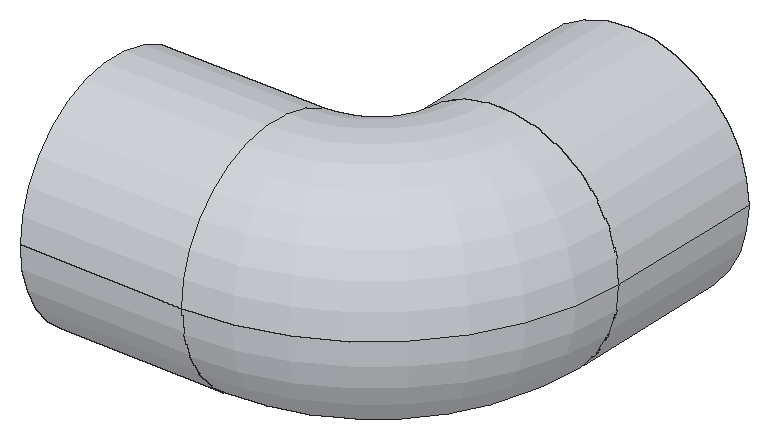
Revit family "5b1c4ed332cc4f49bd4e41dddce24f52", category Pipe Fittings, Revit 2021
Family settings
  Round Connector Dimension = Use Radius
  Part Type = Elbow
  OmniClass Number = 23.60.30.11.14
  OmniClass Title = Pipework Fittings
  Seek Item ID = Elbow - PVC - Sch 40-0000-USA-ENU
  Work Plane-Based = No
  Always vertical = Yes
  Cut with Voids When Loaded = No
  Shared = No
Parameters (values of type "Standard")
  Tick Size [instance] = Socket Outside Diameter * 0.4  # 0.4376"
  Socket Outside Radius [instance] = Socket Outside Diameter / 2  # 0.547"
  Socket Outside Diameter Not Found [instance] = if(Angle 1 > 45.00°, 1.11 * Nominal Diameter + 69/128", 1.11 * Nominal Diameter + 143/256")  # 1.09406"
  Socket Outside Diameter [instance] = size_lookup(Lookup Table Name, "SOD", Socket Outside Diameter Not Found, Nominal Diameter, Angle 1)  # 1.094"
  Socket Length Not Found [instance] = if(Angle 1 > 45.00°, 0.45 * Nominal Diameter + 131/256", 0.49 * Nominal Diameter + 1/2")  # 0.73672"
  Loss Method = K Coefficient from Table
  Lookup Table Name = "Elbow - PVC - Sch 40"
  Length 1 [instance] = (Socket Outside Diameter / 2 + 1/32") * tan(Angle / 2) + Socket Length  # 1.32825"
  Nominal Radius [instance] = 1/4"
  Nominal Diameter [instance] = Nominal Radius * 2  # 1/2"
  K Coefficient Table = "Regular 45, 90 and 180 Elbow"
  Default Elevation = 0' - 0"
  Center to End Not Found [instance] = if(Angle 1 > 45.00°, 1 * Nominal Diameter + 179/256", 0.76 * Nominal Diameter + 39/64")  # 1 51/256"
  Center to End Label [instance] = if(Center to End > Socket Outside Diameter / 2 * tan(Angle / 2) + Socket Length, Center to End, Length 1)  # 1.32825"
  Center to End [instance] = size_lookup(Lookup Table Name, "CtE", Center to End Not Found, Nominal Diameter, Angle 1)  # 1 1/4"
  Center Radius [instance] = (Center to End Label - Socket Length) / tan(Angle / 2)  # 0.57825"
  Socket Length [instance] = size_lookup(Lookup Table Name, "SLgt", Socket Length Not Found, Nominal Diameter, Angle 1)  # 3/4"
  Assembly Code = ""
  Angle 1 [instance] = if(Angle > 45.00°, 90.00°, 45.00°)  # 90.00°
  Angle [instance] = 90.00°
Reference planes (in)
  plane 1 "Center (Front/Back)": y = 0
  plane 2: z = 0
  plane 3 "Center (Left/Right)": x = 0
  plane 4: x = -1.32825
  plane 5: x = -0.57825
  plane 6: y = 0.4376
  plane 7: y = -0.4376
  plane 8: y = 0.57825
Forms (in)
  Sweep 1, solid, detail levels fine
    path in 3D
      loop
        line (-1.32825, 0, 0) -> (-0.57825, 0, 0)
        arc (-0.57825, 0, 0) -> (-0.16937, 0.16937, 0) -> (0, 0.57825, 0) r 0.57825
        line (0, 0.57825, 0) -> (0, 1.32825, 0)
    profile origin (-0.95325, 0, 0) x (0, 1, 0) y (0, 0, 1)
      loop
        circle (0, 0) r 0.547
Lines and regions (in)
  model lines, detail levels coarse+medium
    curve 1: line (-1.32825, 0.4376, 0) -> (-1.32825, -0.4376, 0)
    curve 2: arc (-0.57825, 0, 0) -> (-0.16937, 0.16937, 0) -> (0, 0.57825, 0) r 0.57825
    curve 3: line (-1.32825, 0, 0) -> (-0.57825, 0, 0)
    curve 7: line (0, 0.57825, 0) -> (0, 1.32825, 0)
    curve 13: line (-0.4376, 1.32825, 0) -> (0.4376, 1.32825, 0)
  sketch lines
    curve 4: line (-1.32825, 0, 0) -> (-0.57825, 0, 0)
    curve 5: arc (-0.57825, 0, 0) -> (-0.16937, 0.16937, 0) -> (0, 0.57825, 0) r 0.57825
    curve 10: line (0, 0.57825, 0) -> (0, 1.32825, 0)
  reference lines
    curve 6: line (0, 0, 0) -> (0, 1.75, 0)
    curve 8: line (0, 0, 0) -> (1.14334, 0, 0)
    curve 9: line (-0.4376, 1.32825, 0) -> (2.02753, 1.32825, 0)
    curve 11: line (-0.4376, 0.36732, 0) -> (-0.4376, 1.86732, 0)
    curve 12: line (0.4376, 0.85859, 0) -> (0.4376, 3.44301, 0)
    curve 14: line (-0.57825, 0.57825, 0) -> (1.42175, 0.57825, 0)
Dimensions and locks (in)
  "Center to End Label": plane 4 to plane 3 "Center (Left/Right)"
  "Socket Length": plane 4 to plane 5
  equal spacing: plane 6, plane 1 "Center (Front/Back)", plane 7
  "Tick Size": plane 6 to plane 1 "Center (Front/Back)"
  "Center Radius": plane 8 to plane 1 "Center (Front/Back)"
  "Center to End Label": curve 8 to curve 9
  "Tick Size": curve 6 to curve 11
  "Tick Size": curve 12 to curve 6
  "Center Radius": radius of curve 2
  "Socket Outside Radius": radius of Sweep 1 sketch curve
  "Angle": angle curve 2 to curve 2
  "Angle": angle plane 1 "Center (Front/Back)" to curve 6
  locked: curve 8 to curve 6 (angle 90.00°)
  locked: curve 9 to curve 11 (angle 90.00°)
  locked: curve 9 to curve 12 (angle 90.00°)
  "Angle": angle plane 5 to curve 14
  aligned and locked: plane 6 to curve 1
  aligned and locked: plane 7 to curve 1
  aligned and locked: curve 1 to plane 4
  aligned and locked: plane 8 to curve 2
  aligned and locked: plane 5 to curve 2
  aligned and locked: plane 4 to curve 3
  aligned and locked: plane 5 to curve 3
  aligned and locked: plane 1 "Center (Front/Back)" to curve 3
  aligned and locked: plane 1 "Center (Front/Back)" to curve 6
  aligned and locked: plane 3 "Center (Left/Right)" to curve 6
  aligned and locked: plane 1 "Center (Front/Back)" to curve 8
  aligned and locked: plane 3 "Center (Left/Right)" to curve 8
  aligned and locked: curve 9 to curve 7
  aligned and locked: curve 6 to curve 7
  aligned and locked: curve 12 to curve 13
  aligned and locked: curve 11 to curve 13
  aligned and locked: curve 13 to curve 9
  aligned and locked: plane 8 to curve 14
  aligned and locked: plane 5 to curve 14
  aligned and locked: curve 14 to curve 7
Automatic sketch dimensions
  Sweep 1 sketch curve to profile plane = 0' - 0"  (x2)
  curve 6 to curve 11 = 0' - 0.36732"
  curve 14 to curve 12 = 0' - 0.28034"
Connectors (in)
  piping at (-1.32825, 0, 0), diameter 0.5, driven by "Nominal Radius", driven by "Angle"
    settings: on Sweep 1, index 1, connector inside diameter 1/2", connector length 0' - 0", flow factor 0, pipe flow 0 GPM, pressure drop 0.00 psi, fitting loss kfactor 0, connector angle 90.00°, fixture units 0, engagement length 0' - 0", angle of deflection 0.00°, flow configuration 0, flow direction 0, fitting loss method 0, system type 28, joint type 0, gender type 0, connector reference index 2, connector utility 0, adjustable connector no, is connector primary yes, connector description ""
  piping at (0, 1.32825, 0), diameter 0.5, driven by "Nominal Radius", driven by "Angle"
    settings: on Sweep 1, index 2, connector inside diameter 1/2", connector length 0' - 0", flow factor 0, pipe flow 0 GPM, pressure drop 0.00 psi, fitting loss kfactor 0, connector angle 90.00°, fixture units 0, engagement length 0' - 0", angle of deflection 0.00°, flow configuration 0, flow direction 0, fitting loss method 0, system type 28, joint type 0, gender type 0, connector reference index 1, connector utility 0, adjustable connector no, is connector primary no, connector description ""
